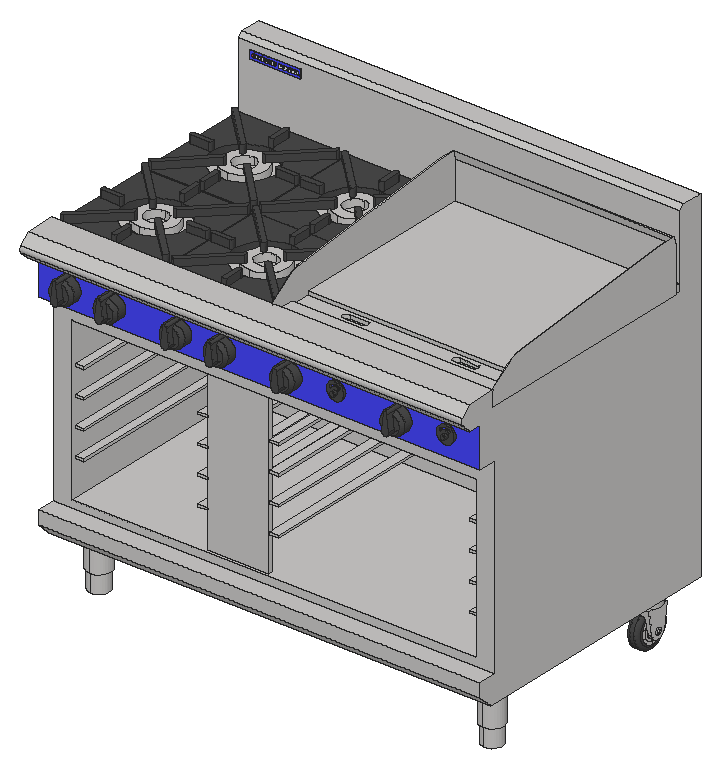
Revit family "QF_MOFFAT_BLUESEAL_CE_G518B-CB", category Specialty Equipment, Revit 2012 (continued)
Definition of nested family "GAS BURNER 600 & GRIDDLE 600"
  Parameters (values of type "GAS BURNER 600 & GRIDDLE 600")
    Width [instance] = 1200.0 mm
    Weight in Pounds = 0
    URL Cutsheet = ""
    Type Mark [instance] = ""
    Status [instance] = ""
    Specification by User [instance] = ""
    Specification by Manufacturer = ""
    Serial Number = ""
    Seismic Rating = ""
    SMACNA No = ""
    Revision Code [instance] = ""
    Omniclass Number and Title = ""
    NAFEM Spec ID Number = ""
    Masterspec = ""
    Item Number [instance] = ""
    Installed By [instance] = ""
    Identify Quantity as Lot [instance] = yes
    Furnished By [instance] = ""
    Foodservice Equipment Identifier [instance] = yes
    Depth [instance] = 635.0 mm
    CSI MasterFormat = ""
    CSI Master Format = ""
  Reference planes
    plane 1 "BACK": y = 0
    plane 2: z = 0
    plane 3 "LEFT": x = 0
    plane 4 "RIGHT": x = 1200
    plane 5 "FRONT": y = -635
    plane 6 "TOP": z = 142.5
    plane 7 "Center Y": x = 600
    plane 8 "Center X": y = -317.5
  Dimensions and locks
    equal spacing: plane 3 "LEFT", plane 7 "Center Y", plane 4 "RIGHT"
    "Width": plane 3 "LEFT" to plane 4 "RIGHT"
    equal spacing: plane 5 "FRONT", plane 8 "Center X", plane 1 "BACK"
    "Depth": plane 5 "FRONT" to plane 1 "BACK"
    aligned and locked: level to plane 2
  Nested families
    nested 1: "GAS BURNER 600" at (0, 0, 0), type "GAS BURNER 600"
      with Width 600.0 mm, Type Mark "", Status "", Specification by User "", Revision Code "", Item Number "", Installed By "", Identify Quantity as Lot yes, Furnished By "", Foodservice Equipment Identifier yes, Depth 635.0 mm
    nested 2: "GAS GRIDDLE PLATE 600" at (600, -15, 0), type "GAS GRIDDLE PLATE 600"
      with Width 600.0 mm, Type Mark "", Status "", Specification by User "", Revision Code "", Item Number "", Installed By "", Identify Quantity as Lot yes, Furnished By "", Foodservice Equipment Identifier yes, Depth 620.0 mm
  Definition of nested family "GAS BURNER 600"
    Parameters (values of type "GAS BURNER 600")
      Width [instance] = 600.0 mm
      Weight in Pounds = 0
      URL Cutsheet = ""
      Type Mark [instance] = ""
      Status [instance] = ""
      Specification by User [instance] = ""
      Specification by Manufacturer = ""
      Serial Number = ""
      Seismic Rating = ""
      SMACNA No = ""
      Revision Code [instance] = ""
      Omniclass Number and Title = ""
      NAFEM Spec ID Number = ""
      Masterspec = ""
      Item Number [instance] = ""
      Installed By [instance] = ""
      Identify Quantity as Lot [instance] = yes
      Furnished By [instance] = ""
      Foodservice Equipment Identifier [instance] = yes
      Depth [instance] = 635.0 mm
      CSI MasterFormat = ""
      CSI Master Format = ""
    Reference planes
      plane 1 "BACK": y = 0
      plane 2: z = 0
      plane 3 "LEFT": x = 0
      plane 4 "RIGHT": x = 600
      plane 5 "FRONT": y = -635
      plane 6 "TOP": z = 142.5
      plane 7 "Center Y": x = 300
      plane 8 "Center X": y = -317.5
    Forms (mm)
      Extrusion 1, solid, material "QF_Finishes_Black"
        sketch origin (0, 0, 0) x (0, -1, 0) y (1, 0, 0)
          loop
            line (318.5, 4) -> (318.5, 296)
            arc (318.5, 296) -> (317.621, 298.121) -> (315.5, 299) r 3
            line (315.5, 299) -> (3, 299)
            arc (3, 299) -> (0.879, 298.121) -> (0, 296) r 3
            line (0, 296) -> (0, 4)
            arc (0, 4) -> (0.879, 1.879) -> (3, 1) r 3
            line (3, 1) -> (315.5, 1)
            arc (315.5, 1) -> (317.621, 1.879) -> (318.5, 4) r 3
          loop
            line (324.5, 1) -> (632, 1)
            arc (632, 1) -> (634.121, 1.879) -> (635, 4) r 3
            line (635, 4) -> (635, 296)
            arc (635, 296) -> (634.121, 298.121) -> (632, 299) r 3
            line (632, 299) -> (324.5, 299)
            arc (324.5, 299) -> (322.379, 298.121) -> (321.5, 296) r 3
            line (321.5, 296) -> (321.5, 4)
            arc (321.5, 4) -> (322.379, 1.879) -> (324.5, 1) r 3
          loop
            circle (168.5, 149.991) r 84.082
          loop
            circle (468.5, 149.991) r 84.082
        from 0 to 19.5
      Extrusion 2, solid, material "QF_Finishes_Black"
        sketch origin (0, 0, 19.5) x (0, -1, 0) y (1, 0, 0)
          loop
            spline (326.102, 15.153) -> (325.181, 13.924) -> (324.631, 12.47) -> (324.49, 10.89) -> (324.767, 9.292) -> (325.443, 7.786) -> (326.473, 6.473) -> (327.786, 5.443) -> (329.292, 4.767) -> (330.89, 4.49) -> (332.47, 4.631) -> (333.924, 5.181) -> (335.153, 6.102)
            line (335.153, 6.102) -> (443.076, 114.025)
            spline (443.076, 114.025) -> (443.837, 115.095) -> (444.238, 116.399) -> (444.251, 117.851) -> (443.875, 119.35) -> (443.137, 120.795) -> (442.086, 122.086) -> (440.795, 123.137) -> (439.35, 123.875) -> (437.851, 124.251) -> (436.399, 124.238) -> (435.095, 123.837) -> (434.025, 123.076)
            line (434.025, 123.076) -> (326.102, 15.153)
          loop
            spline (328.898, 156.4) -> (327.604, 156.182) -> (326.398, 155.543) -> (325.362, 154.525) -> (324.568, 153.2) -> (324.068, 151.656) -> (323.898, 150) -> (324.068, 148.344) -> (324.568, 146.8) -> (325.362, 145.475) -> (326.398, 144.457) -> (327.604, 143.818) -> (328.898, 143.6)
            line (328.898, 143.6) -> (378.102, 143.6)
            spline (378.102, 143.6) -> (379.396, 143.818) -> (380.602, 144.457) -> (381.638, 145.475) -> (382.432, 146.8) -> (382.932, 148.344) -> (383.102, 150) -> (382.932, 151.656) -> (382.432, 153.2) -> (381.638, 154.525) -> (380.602, 155.543) -> (379.396, 156.182) -> (378.102, 156.4)
            line (378.102, 156.4) -> (328.898, 156.4)
          loop
            spline (335.153, 293.898) -> (334.084, 294.659) -> (332.779, 295.059) -> (331.328, 295.072) -> (329.829, 294.697) -> (328.384, 293.959) -> (327.092, 292.908) -> (326.041, 291.616) -> (325.303, 290.171) -> (324.928, 288.672) -> (324.941, 287.221) -> (325.341, 285.916) -> (326.102, 284.847)
            line (326.102, 284.847) -> (434.025, 176.924)
            spline (434.025, 176.924) -> (435.095, 176.163) -> (436.399, 175.762) -> (437.851, 175.749) -> (439.35, 176.125) -> (440.795, 176.863) -> (442.086, 177.914) -> (443.137, 179.205) -> (443.875, 180.65) -> (444.251, 182.149) -> (444.238, 183.601) -> (443.837, 184.905) -> (443.076, 185.975)
            line (443.076, 185.975) -> (335.153, 293.898)
          loop
            line (463.6, 291.102) -> (463.6, 241.898)
            spline (463.6, 241.898) -> (463.818, 240.604) -> (464.457, 239.398) -> (465.475, 238.362) -> (466.8, 237.568) -> (468.344, 237.068) -> (470, 236.898) -> (471.656, 237.068) -> (473.2, 237.568) -> (474.525, 238.362) -> (475.543, 239.398) -> (476.182, 240.604) -> (476.4, 241.898)
            line (476.4, 241.898) -> (476.4, 291.102)
            spline (476.4, 291.102) -> (476.182, 292.396) -> (475.543, 293.602) -> (474.525, 294.638) -> (473.2, 295.432) -> (471.656, 295.932) -> (470, 296.102) -> (468.344, 295.932) -> (466.8, 295.432) -> (465.475, 294.638) -> (464.457, 293.602) -> (463.818, 292.396) -> (463.6, 291.102)
          loop
            spline (612.398, 284.847) -> (613.159, 285.916) -> (613.559, 287.221) -> (613.572, 288.672) -> (613.197, 290.171) -> (612.459, 291.616) -> (611.408, 292.908) -> (610.116, 293.959) -> (608.671, 294.697) -> (607.172, 295.072) -> (605.721, 295.059) -> (604.416, 294.659) -> (603.347, 293.898)
            line (603.347, 293.898) -> (496.924, 185.975)
            spline (496.924, 185.975) -> (496.163, 184.905) -> (495.762, 183.601) -> (495.749, 182.149) -> (496.125, 180.65) -> (496.863, 179.205) -> (497.914, 177.914) -> (499.205, 176.863) -> (500.65, 176.125) -> (502.149, 175.749) -> (503.601, 175.762) -> (504.905, 176.163) -> (505.975, 176.924)
            line (505.975, 176.924) -> (612.398, 284.847)
          loop
            spline (609.602, 143.6) -> (610.896, 143.818) -> (612.102, 144.457) -> (613.138, 145.475) -> (613.932, 146.8) -> (614.432, 148.344) -> (614.602, 150) -> (614.432, 151.656) -> (613.932, 153.2) -> (613.138, 154.525) -> (612.102, 155.543) -> (610.896, 156.182) -> (609.602, 156.4)
            line (609.602, 156.4) -> (561.898, 156.4)
            spline (561.898, 156.4) -> (560.604, 156.182) -> (559.398, 155.543) -> (558.362, 154.525) -> (557.568, 153.2) -> (557.068, 151.656) -> (556.898, 150) -> (557.068, 148.344) -> (557.568, 146.8) -> (558.362, 145.475) -> (559.398, 144.457) -> (560.604, 143.818) -> (561.898, 143.6)
            line (561.898, 143.6) -> (609.602, 143.6)
          loop
            line (612.398, 15.153) -> (505.975, 123.076)
            spline (505.975, 123.076) -> (504.905, 123.837) -> (503.601, 124.238) -> (502.149, 124.251) -> (500.65, 123.875) -> (499.205, 123.137) -> (497.914, 122.086) -> (496.863, 120.795) -> (496.125, 119.35) -> (495.749, 117.851) -> (495.762, 116.399) -> (496.163, 115.095) -> (496.924, 114.025)
            line (496.924, 114.025) -> (603.347, 6.102)
            spline (603.347, 6.102) -> (604.416, 5.341) -> (605.721, 4.941) -> (607.172, 4.928) -> (608.671, 5.303) -> (610.116, 6.041) -> (611.408, 7.092) -> (612.459, 8.384) -> (613.197, 9.829) -> (613.572, 11.328) -> (613.559, 12.779) -> (613.159, 14.084) -> (612.398, 15.153)
          loop
            line (476.4, 8.898) -> (476.4, 58.102)
            spline (476.4, 58.102) -> (476.182, 59.396) -> (475.543, 60.602) -> (474.525, 61.638) -> (473.2, 62.432) -> (471.656, 62.932) -> (470, 63.102) -> (468.344, 62.932) -> (466.8, 62.432) -> (465.475, 61.638) -> (464.457, 60.602) -> (463.818, 59.396) -> (463.6, 58.102)
            line (463.6, 58.102) -> (463.6, 8.898)
            spline (463.6, 8.898) -> (463.818, 7.604) -> (464.457, 6.398) -> (465.475, 5.362) -> (466.8, 4.568) -> (468.344, 4.068) -> (470, 3.898) -> (471.656, 4.068) -> (473.2, 4.568) -> (474.525, 5.362) -> (475.543, 6.398) -> (476.182, 7.604) -> (476.4, 8.898)
          loop
            spline (22.602, 15.153) -> (21.681, 13.924) -> (21.131, 12.47) -> (20.99, 10.89) -> (21.267, 9.292) -> (21.943, 7.786) -> (22.973, 6.473) -> (24.286, 5.443) -> (25.792, 4.767) -> (27.39, 4.49) -> (28.97, 4.631) -> (30.424, 5.181) -> (31.653, 6.102)
            line (31.653, 6.102) -> (139.576, 114.025)
            spline (139.576, 114.025) -> (140.337, 115.095) -> (140.738, 116.399) -> (140.751, 117.851) -> (140.375, 119.35) -> (139.637, 120.795) -> (138.586, 122.086) -> (137.295, 123.137) -> (135.85, 123.875) -> (134.351, 124.251) -> (132.899, 124.238) -> (131.595, 123.837) -> (130.525, 123.076)
            line (130.525, 123.076) -> (22.602, 15.153)
          loop
            spline (25.398, 156.4) -> (24.104, 156.182) -> (22.898, 155.543) -> (21.862, 154.525) -> (21.068, 153.2) -> (20.568, 151.656) -> (20.398, 150) -> (20.568, 148.344) -> (21.068, 146.8) -> (21.862, 145.475) -> (22.898, 144.457) -> (24.104, 143.818) -> (25.398, 143.6)
            line (25.398, 143.6) -> (74.602, 143.6)
            spline (74.602, 143.6) -> (75.896, 143.818) -> (77.102, 144.457) -> (78.138, 145.475) -> (78.932, 146.8) -> (79.432, 148.344) -> (79.602, 150) -> (79.432, 151.656) -> (78.932, 153.2) -> (78.138, 154.525) -> (77.102, 155.543) -> (75.896, 156.182) -> (74.602, 156.4)
            line (74.602, 156.4) -> (25.398, 156.4)
          loop
            spline (31.653, 293.898) -> (30.584, 294.659) -> (29.279, 295.059) -> (27.828, 295.072) -> (26.329, 294.697) -> (24.884, 293.959) -> (23.592, 292.908) -> (22.541, 291.616) -> (21.803, 290.171) -> (21.428, 288.672) -> (21.441, 287.221) -> (21.841, 285.916) -> (22.602, 284.847)
            line (22.602, 284.847) -> (130.525, 176.924)
            spline (130.525, 176.924) -> (131.595, 176.163) -> (132.899, 175.762) -> (134.351, 175.749) -> (135.85, 176.125) -> (137.295, 176.863) -> (138.586, 177.914) -> (139.637, 179.205) -> (140.375, 180.65) -> (140.751, 182.149) -> (140.738, 183.601) -> (140.337, 184.905) -> (139.576, 185.975)
            line (139.576, 185.975) -> (31.653, 293.898)
          loop
            line (160.1, 291.102) -> (160.1, 241.898)
            spline (160.1, 241.898) -> (160.318, 240.604) -> (160.957, 239.398) -> (161.975, 238.362) -> (163.3, 237.568) -> (164.844, 237.068) -> (166.5, 236.898) -> (168.156, 237.068) -> (169.7, 237.568) -> (171.025, 238.362) -> (172.043, 239.398) -> (172.682, 240.604) -> (172.9, 241.898)
            line (172.9, 241.898) -> (172.9, 291.102)
            spline (172.9, 291.102) -> (172.682, 292.396) -> (172.043, 293.602) -> (171.025, 294.638) -> (169.7, 295.432) -> (168.156, 295.932) -> (166.5, 296.102) -> (164.844, 295.932) -> (163.3, 295.432) -> (161.975, 294.638) -> (160.957, 293.602) -> (160.318, 292.396) -> (160.1, 291.102)
          loop
            spline (313.898, 284.847) -> (314.659, 285.916) -> (315.059, 287.221) -> (315.072, 288.672) -> (314.697, 290.171) -> (313.959, 291.616) -> (312.908, 292.908) -> (311.616, 293.959) -> (310.171, 294.697) -> (308.672, 295.072) -> (307.221, 295.059) -> (305.916, 294.659) -> (304.847, 293.898)
            line (304.847, 293.898) -> (193.424, 185.975)
            spline (193.424, 185.975) -> (192.663, 184.905) -> (192.262, 183.601) -> (192.249, 182.149) -> (192.625, 180.65) -> (193.363, 179.205) -> (194.414, 177.914) -> (195.705, 176.863) -> (197.15, 176.125) -> (198.649, 175.749) -> (200.101, 175.762) -> (201.405, 176.163) -> (202.475, 176.924)
            line (202.475, 176.924) -> (313.898, 284.847)
          loop
            spline (311.102, 143.6) -> (312.396, 143.818) -> (313.602, 144.457) -> (314.638, 145.475) -> (315.432, 146.8) -> (315.932, 148.344) -> (316.102, 150) -> (315.932, 151.656) -> (315.432, 153.2) -> (314.638, 154.525) -> (313.602, 155.543) -> (312.396, 156.182) -> (311.102, 156.4)
            line (311.102, 156.4) -> (261.898, 156.4)
            spline (261.898, 156.4) -> (260.604, 156.182) -> (259.398, 155.543) -> (258.362, 154.525) -> (257.568, 153.2) -> (257.068, 151.656) -> (256.898, 150) -> (257.068, 148.344) -> (257.568, 146.8) -> (258.362, 145.475) -> (259.398, 144.457) -> (260.604, 143.818) -> (261.898, 143.6)
            line (261.898, 143.6) -> (311.102, 143.6)
          loop
            line (313.898, 15.153) -> (202.475, 123.076)
            spline (202.475, 123.076) -> (201.405, 123.837) -> (200.101, 124.238) -> (198.649, 124.251) -> (197.15, 123.875) -> (195.705, 123.137) -> (194.414, 122.086) -> (193.363, 120.795) -> (192.625, 119.35) -> (192.249, 117.851) -> (192.262, 116.399) -> (192.663, 115.095) -> (193.424, 114.025)
            line (193.424, 114.025) -> (304.847, 6.102)
            spline (304.847, 6.102) -> (305.916, 5.341) -> (307.221, 4.941) -> (308.672, 4.928) -> (310.171, 5.303) -> (311.616, 6.041) -> (312.908, 7.092) -> (313.959, 8.384) -> (314.697, 9.829) -> (315.072, 11.328) -> (315.059, 12.779) -> (314.659, 14.084) -> (313.898, 15.153)
          loop
            line (172.9, 8.898) -> (172.9, 58.102)
            spline (172.9, 58.102) -> (172.682, 59.396) -> (172.043, 60.602) -> (171.025, 61.638) -> (169.7, 62.432) -> (168.156, 62.932) -> (166.5, 63.102) -> (164.844, 62.932) -> (163.3, 62.432) -> (161.975, 61.638) -> (160.957, 60.602) -> (160.318, 59.396) -> (160.1, 58.102)
            line (160.1, 58.102) -> (160.1, 8.898)
            spline (160.1, 8.898) -> (160.318, 7.604) -> (160.957, 6.398) -> (161.975, 5.362) -> (163.3, 4.568) -> (164.844, 4.068) -> (166.5, 3.898) -> (168.156, 4.068) -> (169.7, 4.568) -> (171.025, 5.362) -> (172.043, 6.398) -> (172.682, 7.604) -> (172.9, 8.898)
        from 0 to 20.5
      Extrusion 3, solid, material "QF_Finishes_Stainless Steel"
        sketch origin (0, -15.098, 0) x (0, -1, 0) y (1, 0, 0)
          loop
            circle (151.402, 150) r 57
          loop
            circle (451.402, 150) r 57
          loop
            circle (151.402, 150) r 30
          loop
            circle (451.402, 150) r 30
        from 0 to 20
      Extrusion 4, solid, material "QF_Finishes_Black"
        sketch origin (600, 0, 0) x (0, -1, 0) y (1, 0, 0)
          loop
            arc (318.5, -4) -> (317.621, -1.879) -> (315.5, -1) r 3
            line (315.5, -1) -> (3, -1)
            arc (3, -1) -> (0.879, -1.879) -> (0, -4) r 3
            line (0, -4) -> (0, -296)
            arc (0, -296) -> (0.879, -298.121) -> (3, -299) r 3
            line (3, -299) -> (315.5, -299)
            arc (315.5, -299) -> (317.621, -298.121) -> (318.5, -296) r 3
            line (318.5, -296) -> (318.5, -4)
          loop
            arc (324.5, -1) -> (322.379, -1.879) -> (321.5, -4) r 3
            line (321.5, -4) -> (321.5, -296)
            arc (321.5, -296) -> (322.379, -298.121) -> (324.5, -299) r 3
            line (324.5, -299) -> (632, -299)
            arc (632, -299) -> (634.121, -298.121) -> (635, -296) r 3
            line (635, -296) -> (635, -4)
            arc (635, -4) -> (634.121, -1.879) -> (632, -1) r 3
            line (632, -1) -> (324.5, -1)
          loop
            circle (168.5, -149.991) r 84.082
          loop
            circle (468.5, -149.991) r 84.082
        from 0 to 19.5
      Extrusion 5, solid, material "QF_Finishes_Black"
        sketch origin (600, 0, 19.5) x (0, -1, 0) y (1, 0, 0)
          loop
            line (326.102, -15.153) -> (434.025, -123.076)
            spline (434.025, -123.076) -> (435.095, -123.837) -> (436.399, -124.238) -> (437.851, -124.251) -> (439.35, -123.875) -> (440.795, -123.137) -> (442.086, -122.086) -> (443.137, -120.795) -> (443.875, -119.35) -> (444.251, -117.851) -> (444.238, -116.399) -> (443.837, -115.095) -> (443.076, -114.025)
            line (443.076, -114.025) -> (335.153, -6.102)
            spline (335.153, -6.102) -> (333.924, -5.181) -> (332.47, -4.631) -> (330.89, -4.49) -> (329.292, -4.767) -> (327.786, -5.443) -> (326.473, -6.473) -> (325.443, -7.786) -> (324.767, -9.292) -> (324.49, -10.89) -> (324.631, -12.47) -> (325.181, -13.924) -> (326.102, -15.153)
          loop
            line (328.898, -156.4) -> (378.102, -156.4)
            spline (378.102, -156.4) -> (379.396, -156.182) -> (380.602, -155.543) -> (381.638, -154.525) -> (382.432, -153.2) -> (382.932, -151.656) -> (383.102, -150) -> (382.932, -148.344) -> (382.432, -146.8) -> (381.638, -145.475) -> (380.602, -144.457) -> (379.396, -143.818) -> (378.102, -143.6)
            line (378.102, -143.6) -> (328.898, -143.6)
            spline (328.898, -143.6) -> (327.604, -143.818) -> (326.398, -144.457) -> (325.362, -145.475) -> (324.568, -146.8) -> (324.068, -148.344) -> (323.898, -150) -> (324.068, -151.656) -> (324.568, -153.2) -> (325.362, -154.525) -> (326.398, -155.543) -> (327.604, -156.182) -> (328.898, -156.4)
          loop
            line (335.153, -293.898) -> (443.076, -185.975)
            spline (443.076, -185.975) -> (443.837, -184.905) -> (444.238, -183.601) -> (444.251, -182.149) -> (443.875, -180.65) -> (443.137, -179.205) -> (442.086, -177.914) -> (440.795, -176.863) -> (439.35, -176.125) -> (437.851, -175.749) -> (436.399, -175.762) -> (435.095, -176.163) -> (434.025, -176.924)
            line (434.025, -176.924) -> (326.102, -284.847)
            spline (326.102, -284.847) -> (325.341, -285.916) -> (324.941, -287.221) -> (324.928, -288.672) -> (325.303, -290.171) -> (326.041, -291.616) -> (327.092, -292.908) -> (328.384, -293.959) -> (329.829, -294.697) -> (331.328, -295.072) -> (332.779, -295.059) -> (334.084, -294.659) -> (335.153, -293.898)
          loop
            spline (463.6, -291.102) -> (463.818, -292.396) -> (464.457, -293.602) -> (465.475, -294.638) -> (466.8, -295.432) -> (468.344, -295.932) -> (470, -296.102) -> (471.656, -295.932) -> (473.2, -295.432) -> (474.525, -294.638) -> (475.543, -293.602) -> (476.182, -292.396) -> (476.4, -291.102)
            line (476.4, -291.102) -> (476.4, -241.898)
            spline (476.4, -241.898) -> (476.182, -240.604) -> (475.543, -239.398) -> (474.525, -238.362) -> (473.2, -237.568) -> (471.656, -237.068) -> (470, -236.898) -> (468.344, -237.068) -> (466.8, -237.568) -> (465.475, -238.362) -> (464.457, -239.398) -> (463.818, -240.604) -> (463.6, -241.898)
            line (463.6, -241.898) -> (463.6, -291.102)
          loop
            line (612.398, -284.847) -> (505.975, -176.924)
            spline (505.975, -176.924) -> (504.905, -176.163) -> (503.601, -175.762) -> (502.149, -175.749) -> (500.65, -176.125) -> (499.205, -176.863) -> (497.914, -177.914) -> (496.863, -179.205) -> (496.125, -180.65) -> (495.749, -182.149) -> (495.762, -183.601) -> (496.163, -184.905) -> (496.924, -185.975)
            line (496.924, -185.975) -> (603.347, -293.898)
            spline (603.347, -293.898) -> (604.416, -294.659) -> (605.721, -295.059) -> (607.172, -295.072) -> (608.671, -294.697) -> (610.116, -293.959) -> (611.408, -292.908) -> (612.459, -291.616) -> (613.197, -290.171) -> (613.572, -288.672) -> (613.559, -287.221) -> (613.159, -285.916) -> (612.398, -284.847)
          loop
            line (609.602, -143.6) -> (561.898, -143.6)
            spline (561.898, -143.6) -> (560.604, -143.818) -> (559.398, -144.457) -> (558.362, -145.475) -> (557.568, -146.8) -> (557.068, -148.344) -> (556.898, -150) -> (557.068, -151.656) -> (557.568, -153.2) -> (558.362, -154.525) -> (559.398, -155.543) -> (560.604, -156.182) -> (561.898, -156.4)
            line (561.898, -156.4) -> (609.602, -156.4)
            spline (609.602, -156.4) -> (610.896, -156.182) -> (612.102, -155.543) -> (613.138, -154.525) -> (613.932, -153.2) -> (614.432, -151.656) -> (614.602, -150) -> (614.432, -148.344) -> (613.932, -146.8) -> (613.138, -145.475) -> (612.102, -144.457) -> (610.896, -143.818) -> (609.602, -143.6)
          loop
            spline (612.398, -15.153) -> (613.159, -14.084) -> (613.559, -12.779) -> (613.572, -11.328) -> (613.197, -9.829) -> (612.459, -8.384) -> (611.408, -7.092) -> (610.116, -6.041) -> (608.671, -5.303) -> (607.172, -4.928) -> (605.721, -4.941) -> (604.416, -5.341) -> (603.347, -6.102)
            line (603.347, -6.102) -> (496.924, -114.025)
            spline (496.924, -114.025) -> (496.163, -115.095) -> (495.762, -116.399) -> (495.749, -117.851) -> (496.125, -119.35) -> (496.863, -120.795) -> (497.914, -122.086) -> (499.205, -123.137) -> (500.65, -123.875) -> (502.149, -124.251) -> (503.601, -124.238) -> (504.905, -123.837) -> (505.975, -123.076)
            line (505.975, -123.076) -> (612.398, -15.153)
          loop
            spline (476.4, -8.898) -> (476.182, -7.604) -> (475.543, -6.398) -> (474.525, -5.362) -> (473.2, -4.568) -> (471.656, -4.068) -> (470, -3.898) -> (468.344, -4.068) -> (466.8, -4.568) -> (465.475, -5.362) -> (464.457, -6.398) -> (463.818, -7.604) -> (463.6, -8.898)
            line (463.6, -8.898) -> (463.6, -58.102)
            spline (463.6, -58.102) -> (463.818, -59.396) -> (464.457, -60.602) -> (465.475, -61.638) -> (466.8, -62.432) -> (468.344, -62.932) -> (470, -63.102) -> (471.656, -62.932) -> (473.2, -62.432) -> (474.525, -61.638) -> (475.543, -60.602) -> (476.182, -59.396) -> (476.4, -58.102)
            line (476.4, -58.102) -> (476.4, -8.898)
          loop
            line (22.602, -15.153) -> (130.525, -123.076)
            spline (130.525, -123.076) -> (131.595, -123.837) -> (132.899, -124.238) -> (134.351, -124.251) -> (135.85, -123.875) -> (137.295, -123.137) -> (138.586, -122.086) -> (139.637, -120.795) -> (140.375, -119.35) -> (140.751, -117.851) -> (140.738, -116.399) -> (140.337, -115.095) -> (139.576, -114.025)
            line (139.576, -114.025) -> (31.653, -6.102)
            spline (31.653, -6.102) -> (30.424, -5.181) -> (28.97, -4.631) -> (27.39, -4.49) -> (25.792, -4.767) -> (24.286, -5.443) -> (22.973, -6.473) -> (21.943, -7.786) -> (21.267, -9.292) -> (20.99, -10.89) -> (21.131, -12.47) -> (21.681, -13.924) -> (22.602, -15.153)
          loop
            line (25.398, -156.4) -> (74.602, -156.4)
            spline (74.602, -156.4) -> (75.896, -156.182) -> (77.102, -155.543) -> (78.138, -154.525) -> (78.932, -153.2) -> (79.432, -151.656) -> (79.602, -150) -> (79.432, -148.344) -> (78.932, -146.8) -> (78.138, -145.475) -> (77.102, -144.457) -> (75.896, -143.818) -> (74.602, -143.6)
            line (74.602, -143.6) -> (25.398, -143.6)
            spline (25.398, -143.6) -> (24.104, -143.818) -> (22.898, -144.457) -> (21.862, -145.475) -> (21.068, -146.8) -> (20.568, -148.344) -> (20.398, -150) -> (20.568, -151.656) -> (21.068, -153.2) -> (21.862, -154.525) -> (22.898, -155.543) -> (24.104, -156.182) -> (25.398, -156.4)
          loop
            line (31.653, -293.898) -> (139.576, -185.975)
            spline (139.576, -185.975) -> (140.337, -184.905) -> (140.738, -183.601) -> (140.751, -182.149) -> (140.375, -180.65) -> (139.637, -179.205) -> (138.586, -177.914) -> (137.295, -176.863) -> (135.85, -176.125) -> (134.351, -175.749) -> (132.899, -175.762) -> (131.595, -176.163) -> (130.525, -176.924)
            line (130.525, -176.924) -> (22.602, -284.847)
            spline (22.602, -284.847) -> (21.841, -285.916) -> (21.441, -287.221) -> (21.428, -288.672) -> (21.803, -290.171) -> (22.541, -291.616) -> (23.592, -292.908) -> (24.884, -293.959) -> (26.329, -294.697) -> (27.828, -295.072) -> (29.279, -295.059) -> (30.584, -294.659) -> (31.653, -293.898)
          loop
            spline (160.1, -291.102) -> (160.318, -292.396) -> (160.957, -293.602) -> (161.975, -294.638) -> (163.3, -295.432) -> (164.844, -295.932) -> (166.5, -296.102) -> (168.156, -295.932) -> (169.7, -295.432) -> (171.025, -294.638) -> (172.043, -293.602) -> (172.682, -292.396) -> (172.9, -291.102)
            line (172.9, -291.102) -> (172.9, -241.898)
            spline (172.9, -241.898) -> (172.682, -240.604) -> (172.043, -239.398) -> (171.025, -238.362) -> (169.7, -237.568) -> (168.156, -237.068) -> (166.5, -236.898) -> (164.844, -237.068) -> (163.3, -237.568) -> (161.975, -238.362) -> (160.957, -239.398) -> (160.318, -240.604) -> (160.1, -241.898)
            line (160.1, -241.898) -> (160.1, -291.102)
          loop
            line (313.898, -284.847) -> (202.475, -176.924)
            spline (202.475, -176.924) -> (201.405, -176.163) -> (200.101, -175.762) -> (198.649, -175.749) -> (197.15, -176.125) -> (195.705, -176.863) -> (194.414, -177.914) -> (193.363, -179.205) -> (192.625, -180.65) -> (192.249, -182.149) -> (192.262, -183.601) -> (192.663, -184.905) -> (193.424, -185.975)
            line (193.424, -185.975) -> (304.847, -293.898)
            spline (304.847, -293.898) -> (305.916, -294.659) -> (307.221, -295.059) -> (308.672, -295.072) -> (310.171, -294.697) -> (311.616, -293.959) -> (312.908, -292.908) -> (313.959, -291.616) -> (314.697, -290.171) -> (315.072, -288.672) -> (315.059, -287.221) -> (314.659, -285.916) -> (313.898, -284.847)
          loop
            line (311.102, -143.6) -> (261.898, -143.6)
            spline (261.898, -143.6) -> (260.604, -143.818) -> (259.398, -144.457) -> (258.362, -145.475) -> (257.568, -146.8) -> (257.068, -148.344) -> (256.898, -150) -> (257.068, -151.656) -> (257.568, -153.2) -> (258.362, -154.525) -> (259.398, -155.543) -> (260.604, -156.182) -> (261.898, -156.4)
            line (261.898, -156.4) -> (311.102, -156.4)
            spline (311.102, -156.4) -> (312.396, -156.182) -> (313.602, -155.543) -> (314.638, -154.525) -> (315.432, -153.2) -> (315.932, -151.656) -> (316.102, -150) -> (315.932, -148.344) -> (315.432, -146.8) -> (314.638, -145.475) -> (313.602, -144.457) -> (312.396, -143.818) -> (311.102, -143.6)
          loop
            spline (313.898, -15.153) -> (314.659, -14.084) -> (315.059, -12.779) -> (315.072, -11.328) -> (314.697, -9.829) -> (313.959, -8.384) -> (312.908, -7.092) -> (311.616, -6.041) -> (310.171, -5.303) -> (308.672, -4.928) -> (307.221, -4.941) -> (305.916, -5.341) -> (304.847, -6.102)
            line (304.847, -6.102) -> (193.424, -114.025)
            spline (193.424, -114.025) -> (192.663, -115.095) -> (192.262, -116.399) -> (192.249, -117.851) -> (192.625, -119.35) -> (193.363, -120.795) -> (194.414, -122.086) -> (195.705, -123.137) -> (197.15, -123.875) -> (198.649, -124.251) -> (200.101, -124.238) -> (201.405, -123.837) -> (202.475, -123.076)
            line (202.475, -123.076) -> (313.898, -15.153)
          loop
            spline (172.9, -8.898) -> (172.682, -7.604) -> (172.043, -6.398) -> (171.025, -5.362) -> (169.7, -4.568) -> (168.156, -4.068) -> (166.5, -3.898) -> (164.844, -4.068) -> (163.3, -4.568) -> (161.975, -5.362) -> (160.957, -6.398) -> (160.318, -7.604) -> (160.1, -8.898)
            line (160.1, -8.898) -> (160.1, -58.102)
            spline (160.1, -58.102) -> (160.318, -59.396) -> (160.957, -60.602) -> (161.975, -61.638) -> (163.3, -62.432) -> (164.844, -62.932) -> (166.5, -63.102) -> (168.156, -62.932) -> (169.7, -62.432) -> (171.025, -61.638) -> (172.043, -60.602) -> (172.682, -59.396) -> (172.9, -58.102)
            line (172.9, -58.102) -> (172.9, -8.898)
        from 0 to 20.5
      Extrusion 6, solid, material "QF_Finishes_Stainless Steel"
        sketch origin (600, -15.098, 0) x (0, -1, 0) y (1, 0, 0)
          loop
            circle (151.402, -150) r 57
          loop
            circle (451.402, -150) r 57
          loop
            circle (151.402, -150) r 30
          loop
            circle (451.402, -150) r 30
        from 0 to 20
    Lines and regions (mm)
      symbolic lines
        curve 1: line (284.847, -22.602, 0) -> (176.924, -130.525, 0)
        curve 2: spline (176.924, -130.525, 0) -> (176.163, -131.595, 0) -> (175.762, -132.899, 0) -> (175.749, -134.351, 0) -> (176.125, -135.85, 0) -> (176.863, -137.295, 0) -> (177.914, -138.586, 0) -> (179.205, -139.637, 0) -> (180.65, -140.375, 0) -> (182.149, -140.751, 0) -> (183.601, -140.738, 0) -> (184.905, -140.337, 0) -> (185.975, -139.576, 0)
        curve 3: line (185.975, -139.576, 0) -> (293.898, -31.653, 0)
        curve 4: spline (293.898, -31.653, 0) -> (294.659, -30.584, 0) -> (295.059, -29.279, 0) -> (295.072, -27.828, 0) -> (294.697, -26.329, 0) -> (293.959, -24.884, 0) -> (292.908, -23.592, 0) -> (291.616, -22.541, 0) -> (290.171, -21.803, 0) -> (288.672, -21.428, 0) -> (287.221, -21.441, 0) -> (285.916, -21.841, 0) -> (284.847, -22.602, 0)
        curve 5: line (291.102, -160.1, 0) -> (241.898, -160.1, 0)
        curve 6: spline (241.898, -160.1, 0) -> (240.604, -160.318, 0) -> (239.398, -160.957, 0) -> (238.362, -161.975, 0) -> (237.568, -163.3, 0) -> (237.068, -164.844, 0) -> (236.898, -166.5, 0) -> (237.068, -168.156, 0) -> (237.568, -169.7, 0) -> (238.362, -171.025, 0) -> (239.398, -172.043, 0) -> (240.604, -172.682, 0) -> (241.898, -172.9, 0)
        curve 7: line (241.898, -172.9, 0) -> (291.102, -172.9, 0)
        curve 8: spline (291.102, -172.9, 0) -> (292.396, -172.682, 0) -> (293.602, -172.043, 0) -> (294.638, -171.025, 0) -> (295.432, -169.7, 0) -> (295.932, -168.156, 0) -> (296.102, -166.5, 0) -> (295.932, -164.844, 0) -> (295.432, -163.3, 0) -> (294.638, -161.975, 0) -> (293.602, -160.957, 0) -> (292.396, -160.318, 0) -> (291.102, -160.1, 0)
        curve 9: line (306.102, -31.653, 0) -> (414.025, -139.576, 0)
        curve 10: spline (414.025, -139.576, 0) -> (415.095, -140.337, 0) -> (416.399, -140.738, 0) -> (417.851, -140.751, 0) -> (419.35, -140.375, 0) -> (420.795, -139.637, 0) -> (422.086, -138.586, 0) -> (423.137, -137.295, 0) -> (423.875, -135.85, 0) -> (424.251, -134.351, 0) -> (424.238, -132.899, 0) -> (423.837, -131.595, 0) -> (423.076, -130.525, 0)
        curve 11: line (423.076, -130.525, 0) -> (315.153, -22.602, 0)
        curve 12: spline (315.153, -22.602, 0) -> (314.084, -21.841, 0) -> (312.779, -21.441, 0) -> (311.328, -21.428, 0) -> (309.829, -21.803, 0) -> (308.384, -22.541, 0) -> (307.092, -23.592, 0) -> (306.041, -24.884, 0) -> (305.303, -26.329, 0) -> (304.928, -27.828, 0) -> (304.941, -29.279, 0) -> (305.341, -30.584, 0) -> (306.102, -31.653, 0)
        curve 13: line (443.6, -25.398, 0) -> (443.6, -74.602, 0)
        curve 14: spline (443.6, -74.602, 0) -> (443.818, -75.896, 0) -> (444.457, -77.102, 0) -> (445.475, -78.138, 0) -> (446.8, -78.932, 0) -> (448.344, -79.432, 0) -> (450, -79.602, 0) -> (451.656, -79.432, 0) -> (453.2, -78.932, 0) -> (454.525, -78.138, 0) -> (455.543, -77.102, 0) -> (456.182, -75.896, 0) -> (456.4, -74.602, 0)
        curve 15: line (456.4, -74.602, 0) -> (456.4, -25.398, 0)
        curve 16: spline (456.4, -25.398, 0) -> (456.182, -24.104, 0) -> (455.543, -22.898, 0) -> (454.525, -21.862, 0) -> (453.2, -21.068, 0) -> (451.656, -20.568, 0) -> (450, -20.398, 0) -> (448.344, -20.568, 0) -> (446.8, -21.068, 0) -> (445.475, -21.862, 0) -> (444.457, -22.898, 0) -> (443.818, -24.104, 0) -> (443.6, -25.398, 0)
        curve 17: line (584.847, -22.602, 0) -> (476.924, -130.525, 0)
        curve 18: spline (476.924, -130.525, 0) -> (476.163, -131.595, 0) -> (475.762, -132.899, 0) -> (475.749, -134.351, 0) -> (476.125, -135.85, 0) -> (476.863, -137.295, 0) -> (477.914, -138.586, 0) -> (479.205, -139.637, 0) -> (480.65, -140.375, 0) -> (482.149, -140.751, 0) -> (483.601, -140.738, 0) -> (484.905, -140.337, 0) -> (485.975, -139.576, 0)
        curve 19: line (485.975, -139.576, 0) -> (593.898, -31.653, 0)
        curve 20: spline (593.898, -31.653, 0) -> (594.819, -30.424, 0) -> (595.369, -28.97, 0) -> (595.51, -27.39, 0) -> (595.233, -25.792, 0) -> (594.557, -24.286, 0) -> (593.527, -22.973, 0) -> (592.214, -21.943, 0) -> (590.708, -21.267, 0) -> (589.11, -20.99, 0) -> (587.53, -21.131, 0) -> (586.076, -21.681, 0) -> (584.847, -22.602, 0)
        curve 21: line (591.102, -160.1, 0) -> (541.898, -160.1, 0)
        curve 22: spline (541.898, -160.1, 0) -> (540.604, -160.318, 0) -> (539.398, -160.957, 0) -> (538.362, -161.975, 0) -> (537.568, -163.3, 0) -> (537.068, -164.844, 0) -> (536.898, -166.5, 0) -> (537.068, -168.156, 0) -> (537.568, -169.7, 0) -> (538.362, -171.025, 0) -> (539.398, -172.043, 0) -> (540.604, -172.682, 0) -> (541.898, -172.9, 0)
        curve 23: line (541.898, -172.9, 0) -> (591.102, -172.9, 0)
        curve 24: spline (591.102, -172.9, 0) -> (592.396, -172.682, 0) -> (593.602, -172.043, 0) -> (594.638, -171.025, 0) -> (595.432, -169.7, 0) -> (595.932, -168.156, 0) -> (596.102, -166.5, 0) -> (595.932, -164.844, 0) -> (595.432, -163.3, 0) -> (594.638, -161.975, 0) -> (593.602, -160.957, 0) -> (592.396, -160.318, 0) -> (591.102, -160.1, 0)
        curve 25: line (593.898, -304.847, 0) -> (485.975, -193.424, 0)
        curve 26: spline (485.975, -193.424, 0) -> (484.905, -192.663, 0) -> (483.601, -192.262, 0) -> (482.149, -192.249, 0) -> (480.65, -192.625, 0) -> (479.205, -193.363, 0) -> (477.914, -194.414, 0) -> (476.863, -195.705, 0) -> (476.125, -197.15, 0) -> (475.749, -198.649, 0) -> (475.762, -200.101, 0) -> (476.163, -201.405, 0) -> (476.924, -202.475, 0)
        curve 27: line (476.924, -202.475, 0) -> (584.847, -313.898, 0)
        curve 28: spline (584.847, -313.898, 0) -> (585.916, -314.659, 0) -> (587.221, -315.059, 0) -> (588.672, -315.072, 0) -> (590.171, -314.697, 0) -> (591.616, -313.959, 0) -> (592.908, -312.908, 0) -> (593.959, -311.616, 0) -> (594.697, -310.171, 0) -> (595.072, -308.672, 0) -> (595.059, -307.221, 0) -> (594.659, -305.916, 0) -> (593.898, -304.847, 0)
        curve 29: arc (450, -223.5, 0) -> (468.725, -220.336, 0) -> (485.372, -211.197, 0) r 57
        curve 30: arc (450, -109.5, 0) -> (431.183, -112.696, 0) -> (414.475, -121.924, 0) r 57
        curve 31: arc (450.009, -84.418, 0) -> (478.534, -89.404, 0) -> (503.676, -103.773, 0) r 84.082
        curve 32: arc (450.009, -252.582, 0) -> (420.453, -247.216, 0) -> (394.669, -231.803, 0) r 84.082
        curve 33: arc (450, -136.5, 0) -> (480, -166.5, 0) -> (450, -196.5, 0) r 30
        curve 34: arc (450, -196.5, 0) -> (420, -166.5, 0) -> (450, -136.5, 0) r 30
        curve 35: arc (150, -223.5, 0) -> (168.725, -220.336, 0) -> (185.372, -211.197, 0) r 57
        curve 36: arc (150, -109.5, 0) -> (131.183, -112.696, 0) -> (114.475, -121.924, 0) r 57
        curve 37: arc (149.991, -84.418, 0) -> (178.523, -89.406, 0) -> (203.668, -103.781, 0) r 84.082
        curve 38: arc (149.991, -252.582, 0) -> (120.441, -247.219, 0) -> (94.661, -231.812, 0) r 84.082
        curve 39: line (156.4, -74.602, 0) -> (156.4, -25.398, 0)
        curve 40: spline (156.4, -25.398, 0) -> (156.182, -24.104, 0) -> (155.543, -22.898, 0) -> (154.525, -21.862, 0) -> (153.2, -21.068, 0) -> (151.656, -20.568, 0) -> (150, -20.398, 0) -> (148.344, -20.568, 0) -> (146.8, -21.068, 0) -> (145.475, -21.862, 0) -> (144.457, -22.898, 0) -> (143.818, -24.104, 0) -> (143.6, -25.398, 0)
        curve 41: line (143.6, -25.398, 0) -> (143.6, -74.602, 0)
        curve 42: spline (143.6, -74.602, 0) -> (143.818, -75.896, 0) -> (144.457, -77.102, 0) -> (145.475, -78.138, 0) -> (146.8, -78.932, 0) -> (148.344, -79.432, 0) -> (150, -79.602, 0) -> (151.656, -79.432, 0) -> (153.2, -78.932, 0) -> (154.525, -78.138, 0) -> (155.543, -77.102, 0) -> (156.182, -75.896, 0) -> (156.4, -74.602, 0)
        curve 43: line (358.102, -160.1, 0) -> (308.898, -160.1, 0)
        curve 44: spline (308.898, -160.1, 0) -> (307.604, -160.318, 0) -> (306.398, -160.957, 0) -> (305.362, -161.975, 0) -> (304.568, -163.3, 0) -> (304.068, -164.844, 0) -> (303.898, -166.5, 0) -> (304.068, -168.156, 0) -> (304.568, -169.7, 0) -> (305.362, -171.025, 0) -> (306.398, -172.043, 0) -> (307.604, -172.682, 0) -> (308.898, -172.9, 0)
        curve 45: line (308.898, -172.9, 0) -> (358.102, -172.9, 0)
        curve 46: spline (358.102, -172.9, 0) -> (359.396, -172.682, 0) -> (360.602, -172.043, 0) -> (361.638, -171.025, 0) -> (362.432, -169.7, 0) -> (362.932, -168.156, 0) -> (363.102, -166.5, 0) -> (362.932, -164.844, 0) -> (362.432, -163.3, 0) -> (361.638, -161.975, 0) -> (360.602, -160.957, 0) -> (359.396, -160.318, 0) -> (358.102, -160.1, 0)
        curve 47: line (414.025, -193.424, 0) -> (306.102, -304.847, 0)
        curve 48: spline (306.102, -304.847, 0) -> (305.341, -305.916, 0) -> (304.941, -307.221, 0) -> (304.928, -308.672, 0) -> (305.303, -310.171, 0) -> (306.041, -311.616, 0) -> (307.092, -312.908, 0) -> (308.384, -313.959, 0) -> (309.829, -314.697, 0) -> (311.328, -315.072, 0) -> (312.779, -315.059, 0) -> (314.084, -314.659, 0) -> (315.153, -313.898, 0)
        curve 49: line (315.153, -313.898, 0) -> (423.076, -202.475, 0)
        curve 50: spline (423.076, -202.475, 0) -> (423.837, -201.405, 0) -> (424.238, -200.101, 0) -> (424.251, -198.649, 0) -> (423.875, -197.15, 0) -> (423.137, -195.705, 0) -> (422.086, -194.414, 0) -> (420.795, -193.363, 0) -> (419.35, -192.625, 0) -> (417.851, -192.249, 0) -> (416.399, -192.262, 0) -> (415.095, -192.663, 0) -> (414.025, -193.424, 0)
        curve 51: line (456.4, -311.102, 0) -> (456.4, -261.898, 0)
        curve 52: spline (456.4, -261.898, 0) -> (456.182, -260.604, 0) -> (455.543, -259.398, 0) -> (454.525, -258.362, 0) -> (453.2, -257.568, 0) -> (451.656, -257.068, 0) -> (450, -256.898, 0) -> (448.344, -257.068, 0) -> (446.8, -257.568, 0) -> (445.475, -258.362, 0) -> (444.457, -259.398, 0) -> (443.818, -260.604, 0) -> (443.6, -261.898, 0)
        curve 53: line (443.6, -261.898, 0) -> (443.6, -311.102, 0)
        curve 54: spline (443.6, -311.102, 0) -> (443.818, -312.396, 0) -> (444.457, -313.602, 0) -> (445.475, -314.638, 0) -> (446.8, -315.432, 0) -> (448.344, -315.932, 0) -> (450, -316.102, 0) -> (451.656, -315.932, 0) -> (453.2, -315.432, 0) -> (454.525, -314.638, 0) -> (455.543, -313.602, 0) -> (456.182, -312.396, 0) -> (456.4, -311.102, 0)
        curve 55: line (596, 0, 0) -> (304, 0, 0)
        curve 56: arc (304, 0, 0) -> (301.879, -0.879, 0) -> (301, -3, 0) r 3
        curve 57: line (301, -3, 0) -> (301, -315.5, 0)
        curve 58: arc (301, -315.5, 0) -> (301.879, -317.621, 0) -> (304, -318.5, 0) r 3
        curve 59: line (304, -318.5, 0) -> (596, -318.5, 0)
        curve 60: arc (596, -318.5, 0) -> (598.121, -317.621, 0) -> (599, -315.5, 0) r 3
        curve 61: line (599, -315.5, 0) -> (599, -3, 0)
        curve 62: arc (599, -3, 0) -> (598.121, -0.879, 0) -> (596, 0, 0) r 3
        curve 63: line (296, 0, 0) -> (4, 0, 0)
        curve 64: arc (4, 0, 0) -> (1.879, -0.879, 0) -> (1, -3, 0) r 3
        curve 65: line (1, -3, 0) -> (1, -315.5, 0)
        curve 66: arc (1, -315.5, 0) -> (1.879, -317.621, 0) -> (4, -318.5, 0) r 3
        curve 67: line (4, -318.5, 0) -> (296, -318.5, 0)
        curve 68: arc (296, -318.5, 0) -> (298.121, -317.621, 0) -> (299, -315.5, 0) r 3
        curve 69: line (299, -315.5, 0) -> (299, -3, 0)
        curve 70: arc (299, -3, 0) -> (298.121, -0.879, 0) -> (296, 0, 0) r 3
        curve 71: line (296, -321.5, 0) -> (4, -321.5, 0)
        curve 72: arc (4, -321.5, 0) -> (1.879, -322.379, 0) -> (1, -324.5, 0) r 3
        curve 73: line (1, -324.5, 0) -> (1, -632, 0)
        curve 74: arc (1, -632, 0) -> (1.879, -634.121, 0) -> (4, -635, 0) r 3
        curve 75: line (4, -635, 0) -> (296, -635, 0)
        curve 76: arc (296, -635, 0) -> (298.121, -634.121, 0) -> (299, -632, 0) r 3
        curve 77: line (299, -632, 0) -> (299, -324.5, 0)
        curve 78: arc (299, -324.5, 0) -> (298.121, -322.379, 0) -> (296, -321.5, 0) r 3
        curve 79: line (596, -321.5, 0) -> (304, -321.5, 0)
        curve 80: arc (304, -321.5, 0) -> (301.879, -322.379, 0) -> (301, -324.5, 0) r 3
        curve 81: line (301, -324.5, 0) -> (301, -632, 0)
        curve 82: arc (301, -632, 0) -> (301.879, -634.121, 0) -> (304, -635, 0) r 3
        curve 83: line (304, -635, 0) -> (596, -635, 0)
        curve 84: arc (596, -635, 0) -> (598.121, -634.121, 0) -> (599, -632, 0) r 3
        curve 85: line (599, -632, 0) -> (599, -324.5, 0)
        curve 86: arc (599, -324.5, 0) -> (598.121, -322.379, 0) -> (596, -321.5, 0) r 3
        curve 87: line (293.898, -304.847, 0) -> (185.975, -193.424, 0)
        curve 88: spline (185.975, -193.424, 0) -> (184.905, -192.663, 0) -> (183.601, -192.262, 0) -> (182.149, -192.249, 0) -> (180.65, -192.625, 0) -> (179.205, -193.363, 0) -> (177.914, -194.414, 0) -> (176.863, -195.705, 0) -> (176.125, -197.15, 0) -> (175.749, -198.649, 0) -> (175.762, -200.101, 0) -> (176.163, -201.405, 0) -> (176.924, -202.475, 0)
        curve 89: line (176.924, -202.475, 0) -> (284.847, -313.898, 0)
        curve 90: spline (284.847, -313.898, 0) -> (285.916, -314.659, 0) -> (287.221, -315.059, 0) -> (288.672, -315.072, 0) -> (290.171, -314.697, 0) -> (291.616, -313.959, 0) -> (292.908, -312.908, 0) -> (293.959, -311.616, 0) -> (294.697, -310.171, 0) -> (295.072, -308.672, 0) -> (295.059, -307.221, 0) -> (294.659, -305.916, 0) -> (293.898, -304.847, 0)
        curve 91: line (15.153, -313.898, 0) -> (123.076, -202.475, 0)
        curve 92: spline (123.076, -202.475, 0) -> (123.837, -201.405, 0) -> (124.238, -200.101, 0) -> (124.251, -198.649, 0) -> (123.875, -197.15, 0) -> (123.137, -195.705, 0) -> (122.086, -194.414, 0) -> (120.795, -193.363, 0) -> (119.35, -192.625, 0) -> (117.851, -192.249, 0) -> (116.399, -192.262, 0) -> (115.095, -192.663, 0) -> (114.025, -193.424, 0)
        curve 93: line (114.025, -193.424, 0) -> (6.102, -304.847, 0)
        curve 94: spline (6.102, -304.847, 0) -> (5.341, -305.916, 0) -> (4.941, -307.221, 0) -> (4.928, -308.672, 0) -> (5.303, -310.171, 0) -> (6.041, -311.616, 0) -> (7.092, -312.908, 0) -> (8.384, -313.959, 0) -> (9.829, -314.697, 0) -> (11.328, -315.072, 0) -> (12.779, -315.059, 0) -> (14.084, -314.659, 0) -> (15.153, -313.898, 0)
        curve 95: line (8.898, -172.9, 0) -> (58.102, -172.9, 0)
        curve 96: spline (58.102, -172.9, 0) -> (59.396, -172.682, 0) -> (60.602, -172.043, 0) -> (61.638, -171.025, 0) -> (62.432, -169.7, 0) -> (62.932, -168.156, 0) -> (63.102, -166.5, 0) -> (62.932, -164.844, 0) -> (62.432, -163.3, 0) -> (61.638, -161.975, 0) -> (60.602, -160.957, 0) -> (59.396, -160.318, 0) -> (58.102, -160.1, 0)
        curve 97: line (58.102, -160.1, 0) -> (8.898, -160.1, 0)
        curve 98: spline (8.898, -160.1, 0) -> (7.604, -160.318, 0) -> (6.398, -160.957, 0) -> (5.362, -161.975, 0) -> (4.568, -163.3, 0) -> (4.068, -164.844, 0) -> (3.898, -166.5, 0) -> (4.068, -168.156, 0) -> (4.568, -169.7, 0) -> (5.362, -171.025, 0) -> (6.398, -172.043, 0) -> (7.604, -172.682, 0) -> (8.898, -172.9, 0)
        curve 99: line (6.102, -31.653, 0) -> (114.025, -139.576, 0)
        curve 100: spline (114.025, -139.576, 0) -> (115.095, -140.337, 0) -> (116.399, -140.738, 0) -> (117.851, -140.751, 0) -> (119.35, -140.375, 0) -> (120.795, -139.637, 0) -> (122.086, -138.586, 0) -> (123.137, -137.295, 0) -> (123.875, -135.85, 0) -> (124.251, -134.351, 0) -> (124.238, -132.899, 0) -> (123.837, -131.595, 0) -> (123.076, -130.525, 0)
        curve 101: line (123.076, -130.525, 0) -> (15.153, -22.602, 0)
        curve 102: spline (15.153, -22.602, 0) -> (13.924, -21.681, 0) -> (12.47, -21.131, 0) -> (10.89, -20.99, 0) -> (9.292, -21.267, 0) -> (7.786, -21.943, 0) -> (6.473, -22.973, 0) -> (5.443, -24.286, 0) -> (4.767, -25.792, 0) -> (4.49, -27.39, 0) -> (4.631, -28.97, 0) -> (5.181, -30.424, 0) -> (6.102, -31.653, 0)
        curve 103: arc (150, -136.5, 0) -> (180, -166.5, 0) -> (150, -196.5, 0) r 30
        curve 104: arc (150, -196.5, 0) -> (120, -166.5, 0) -> (150, -136.5, 0) r 30
        curve 105: line (156.4, -311.102, 0) -> (156.4, -261.898, 0)
        curve 106: spline (156.4, -261.898, 0) -> (156.182, -260.604, 0) -> (155.543, -259.398, 0) -> (154.525, -258.362, 0) -> (153.2, -257.568, 0) -> (151.656, -257.068, 0) -> (150, -256.898, 0) -> (148.344, -257.068, 0) -> (146.8, -257.568, 0) -> (145.475, -258.362, 0) -> (144.457, -259.398, 0) -> (143.818, -260.604, 0) -> (143.6, -261.898, 0)
        curve 107: line (143.6, -261.898, 0) -> (143.6, -311.102, 0)
        curve 108: spline (143.6, -311.102, 0) -> (143.818, -312.396, 0) -> (144.457, -313.602, 0) -> (145.475, -314.638, 0) -> (146.8, -315.432, 0) -> (148.344, -315.932, 0) -> (150, -316.102, 0) -> (151.656, -315.932, 0) -> (153.2, -315.432, 0) -> (154.525, -314.638, 0) -> (155.543, -313.602, 0) -> (156.182, -312.396, 0) -> (156.4, -311.102, 0)
        curve 109: line (156.4, -378.102, 0) -> (156.4, -328.898, 0)
        curve 110: spline (156.4, -328.898, 0) -> (156.182, -327.604, 0) -> (155.543, -326.398, 0) -> (154.525, -325.362, 0) -> (153.2, -324.568, 0) -> (151.656, -324.068, 0) -> (150, -323.898, 0) -> (148.344, -324.068, 0) -> (146.8, -324.568, 0) -> (145.475, -325.362, 0) -> (144.457, -326.398, 0) -> (143.818, -327.604, 0) -> (143.6, -328.898, 0)
        curve 111: line (143.6, -328.898, 0) -> (143.6, -378.102, 0)
        curve 112: spline (143.6, -378.102, 0) -> (143.818, -379.396, 0) -> (144.457, -380.602, 0) -> (145.475, -381.638, 0) -> (146.8, -382.432, 0) -> (148.344, -382.932, 0) -> (150, -383.102, 0) -> (151.656, -382.932, 0) -> (153.2, -382.432, 0) -> (154.525, -381.638, 0) -> (155.543, -380.602, 0) -> (156.182, -379.396, 0) -> (156.4, -378.102, 0)
        curve 113: line (284.847, -326.102, 0) -> (176.924, -434.025, 0)
        curve 114: spline (176.924, -434.025, 0) -> (176.163, -435.095, 0) -> (175.762, -436.399, 0) -> (175.749, -437.851, 0) -> (176.125, -439.35, 0) -> (176.863, -440.795, 0) -> (177.914, -442.086, 0) -> (179.205, -443.137, 0) -> (180.65, -443.875, 0) -> (182.149, -444.251, 0) -> (183.601, -444.238, 0) -> (184.905, -443.837, 0) -> (185.975, -443.076, 0)
        curve 115: line (185.975, -443.076, 0) -> (293.898, -335.153, 0)
        curve 116: spline (293.898, -335.153, 0) -> (294.659, -334.084, 0) -> (295.059, -332.779, 0) -> (295.072, -331.328, 0) -> (294.697, -329.829, 0) -> (293.959, -328.384, 0) -> (292.908, -327.092, 0) -> (291.616, -326.041, 0) -> (290.171, -325.303, 0) -> (288.672, -324.928, 0) -> (287.221, -324.941, 0) -> (285.916, -325.341, 0) -> (284.847, -326.102, 0)
        curve 117: line (123.076, -434.025, 0) -> (15.153, -326.102, 0)
        curve 118: spline (15.153, -326.102, 0) -> (13.924, -325.181, 0) -> (12.47, -324.631, 0) -> (10.89, -324.49, 0) -> (9.292, -324.767, 0) -> (7.786, -325.443, 0) -> (6.473, -326.473, 0) -> (5.443, -327.786, 0) -> (4.767, -329.292, 0) -> (4.49, -330.89, 0) -> (4.631, -332.47, 0) -> (5.181, -333.924, 0) -> (6.102, -335.153, 0)
        curve 119: line (6.102, -335.153, 0) -> (114.025, -443.076, 0)
        curve 120: spline (114.025, -443.076, 0) -> (115.095, -443.837, 0) -> (116.399, -444.238, 0) -> (117.851, -444.251, 0) -> (119.35, -443.875, 0) -> (120.795, -443.137, 0) -> (122.086, -442.086, 0) -> (123.137, -440.795, 0) -> (123.875, -439.35, 0) -> (124.251, -437.851, 0) -> (124.238, -436.399, 0) -> (123.837, -435.095, 0) -> (123.076, -434.025, 0)
        curve 121: line (58.102, -463.6, 0) -> (8.898, -463.6, 0)
        curve 122: spline (8.898, -463.6, 0) -> (7.604, -463.818, 0) -> (6.398, -464.457, 0) -> (5.362, -465.475, 0) -> (4.568, -466.8, 0) -> (4.068, -468.344, 0) -> (3.898, -470, 0) -> (4.068, -471.656, 0) -> (4.568, -473.2, 0) -> (5.362, -474.525, 0) -> (6.398, -475.543, 0) -> (7.604, -476.182, 0) -> (8.898, -476.4, 0)
        curve 123: line (8.898, -476.4, 0) -> (58.102, -476.4, 0)
        curve 124: spline (58.102, -476.4, 0) -> (59.396, -476.182, 0) -> (60.602, -475.543, 0) -> (61.638, -474.525, 0) -> (62.432, -473.2, 0) -> (62.932, -471.656, 0) -> (63.102, -470, 0) -> (62.932, -468.344, 0) -> (62.432, -466.8, 0) -> (61.638, -465.475, 0) -> (60.602, -464.457, 0) -> (59.396, -463.818, 0) -> (58.102, -463.6, 0)
        curve 125: line (114.025, -496.924, 0) -> (6.102, -603.347, 0)
        curve 126: spline (6.102, -603.347, 0) -> (5.341, -604.416, 0) -> (4.941, -605.721, 0) -> (4.928, -607.172, 0) -> (5.303, -608.671, 0) -> (6.041, -610.116, 0) -> (7.092, -611.408, 0) -> (8.384, -612.459, 0) -> (9.829, -613.197, 0) -> (11.328, -613.572, 0) -> (12.779, -613.559, 0) -> (14.084, -613.159, 0) -> (15.153, -612.398, 0)
        curve 127: line (15.153, -612.398, 0) -> (123.076, -505.975, 0)
        curve 128: spline (123.076, -505.975, 0) -> (123.837, -504.905, 0) -> (124.238, -503.601, 0) -> (124.251, -502.149, 0) -> (123.875, -500.65, 0) -> (123.137, -499.205, 0) -> (122.086, -497.914, 0) -> (120.795, -496.863, 0) -> (119.35, -496.125, 0) -> (117.851, -495.749, 0) -> (116.399, -495.762, 0) -> (115.095, -496.163, 0) -> (114.025, -496.924, 0)
        curve 129: line (156.4, -609.602, 0) -> (156.4, -561.898, 0)
        curve 130: spline (156.4, -561.898, 0) -> (156.182, -560.604, 0) -> (155.543, -559.398, 0) -> (154.525, -558.362, 0) -> (153.2, -557.568, 0) -> (151.656, -557.068, 0) -> (150, -556.898, 0) -> (148.344, -557.068, 0) -> (146.8, -557.568, 0) -> (145.475, -558.362, 0) -> (144.457, -559.398, 0) -> (143.818, -560.604, 0) -> (143.6, -561.898, 0)
        curve 131: line (143.6, -561.898, 0) -> (143.6, -609.602, 0)
        curve 132: spline (143.6, -609.602, 0) -> (143.818, -610.896, 0) -> (144.457, -612.102, 0) -> (145.475, -613.138, 0) -> (146.8, -613.932, 0) -> (148.344, -614.432, 0) -> (150, -614.602, 0) -> (151.656, -614.432, 0) -> (153.2, -613.932, 0) -> (154.525, -613.138, 0) -> (155.543, -612.102, 0) -> (156.182, -610.896, 0) -> (156.4, -609.602, 0)
        curve 133: line (176.924, -505.975, 0) -> (284.847, -612.398, 0)
        curve 134: spline (284.847, -612.398, 0) -> (285.916, -613.159, 0) -> (287.221, -613.559, 0) -> (288.672, -613.572, 0) -> (290.171, -613.197, 0) -> (291.616, -612.459, 0) -> (292.908, -611.408, 0) -> (293.959, -610.116, 0) -> (294.697, -608.671, 0) -> (295.072, -607.172, 0) -> (295.059, -605.721, 0) -> (294.659, -604.416, 0) -> (293.898, -603.347, 0)
        curve 135: line (293.898, -603.347, 0) -> (185.975, -496.924, 0)
        curve 136: spline (185.975, -496.924, 0) -> (184.905, -496.163, 0) -> (183.601, -495.762, 0) -> (182.149, -495.749, 0) -> (180.65, -496.125, 0) -> (179.205, -496.863, 0) -> (177.914, -497.914, 0) -> (176.863, -499.205, 0) -> (176.125, -500.65, 0) -> (175.749, -502.149, 0) -> (175.762, -503.601, 0) -> (176.163, -504.905, 0) -> (176.924, -505.975, 0)
        curve 137: arc (149.991, -384.418, 0) -> (179.687, -389.836, 0) -> (205.556, -405.393, 0) r 84.082
        curve 138: arc (149.991, -552.582, 0) -> (121.173, -547.489, 0) -> (95.845, -532.827, 0) r 84.082
        curve 139: arc (150, -523.5, 0) -> (167.666, -520.693, 0) -> (183.592, -512.55, 0) r 57
        curve 140: arc (150, -409.5, 0) -> (130.014, -413.119, 0) -> (112.566, -423.515, 0) r 57
        curve 141: arc (150, -436.5, 0) -> (180, -466.5, 0) -> (150, -496.5, 0) r 30
        curve 142: arc (150, -496.5, 0) -> (120, -466.5, 0) -> (150, -436.5, 0) r 30
        curve 143: line (291.102, -463.6, 0) -> (241.898, -463.6, 0)
        curve 144: spline (241.898, -463.6, 0) -> (240.604, -463.818, 0) -> (239.398, -464.457, 0) -> (238.362, -465.475, 0) -> (237.568, -466.8, 0) -> (237.068, -468.344, 0) -> (236.898, -470, 0) -> (237.068, -471.656, 0) -> (237.568, -473.2, 0) -> (238.362, -474.525, 0) -> (239.398, -475.543, 0) -> (240.604, -476.182, 0) -> (241.898, -476.4, 0)
        curve 145: line (241.898, -476.4, 0) -> (291.102, -476.4, 0)
        curve 146: spline (291.102, -476.4, 0) -> (292.396, -476.182, 0) -> (293.602, -475.543, 0) -> (294.638, -474.525, 0) -> (295.432, -473.2, 0) -> (295.932, -471.656, 0) -> (296.102, -470, 0) -> (295.932, -468.344, 0) -> (295.432, -466.8, 0) -> (294.638, -465.475, 0) -> (293.602, -464.457, 0) -> (292.396, -463.818, 0) -> (291.102, -463.6, 0)
        curve 147: line (423.076, -434.025, 0) -> (315.153, -326.102, 0)
        curve 148: spline (315.153, -326.102, 0) -> (314.084, -325.341, 0) -> (312.779, -324.941, 0) -> (311.328, -324.928, 0) -> (309.829, -325.303, 0) -> (308.384, -326.041, 0) -> (307.092, -327.092, 0) -> (306.041, -328.384, 0) -> (305.303, -329.829, 0) -> (304.928, -331.328, 0) -> (304.941, -332.779, 0) -> (305.341, -334.084, 0) -> (306.102, -335.153, 0)
        curve 149: line (306.102, -335.153, 0) -> (414.025, -443.076, 0)
        curve 150: spline (414.025, -443.076, 0) -> (415.095, -443.837, 0) -> (416.399, -444.238, 0) -> (417.851, -444.251, 0) -> (419.35, -443.875, 0) -> (420.795, -443.137, 0) -> (422.086, -442.086, 0) -> (423.137, -440.795, 0) -> (423.875, -439.35, 0) -> (424.251, -437.851, 0) -> (424.238, -436.399, 0) -> (423.837, -435.095, 0) -> (423.076, -434.025, 0)
        curve 151: line (443.6, -328.898, 0) -> (443.6, -378.102, 0)
        curve 152: spline (443.6, -378.102, 0) -> (443.818, -379.396, 0) -> (444.457, -380.602, 0) -> (445.475, -381.638, 0) -> (446.8, -382.432, 0) -> (448.344, -382.932, 0) -> (450, -383.102, 0) -> (451.656, -382.932, 0) -> (453.2, -382.432, 0) -> (454.525, -381.638, 0) -> (455.543, -380.602, 0) -> (456.182, -379.396, 0) -> (456.4, -378.102, 0)
        curve 153: line (456.4, -378.102, 0) -> (456.4, -328.898, 0)
        curve 154: spline (456.4, -328.898, 0) -> (456.182, -327.604, 0) -> (455.543, -326.398, 0) -> (454.525, -325.362, 0) -> (453.2, -324.568, 0) -> (451.656, -324.068, 0) -> (450, -323.898, 0) -> (448.344, -324.068, 0) -> (446.8, -324.568, 0) -> (445.475, -325.362, 0) -> (444.457, -326.398, 0) -> (443.818, -327.604, 0) -> (443.6, -328.898, 0)
        curve 155: line (584.847, -326.102, 0) -> (476.924, -434.025, 0)
        curve 156: spline (476.924, -434.025, 0) -> (476.163, -435.095, 0) -> (475.762, -436.399, 0) -> (475.749, -437.851, 0) -> (476.125, -439.35, 0) -> (476.863, -440.795, 0) -> (477.914, -442.086, 0) -> (479.205, -443.137, 0) -> (480.65, -443.875, 0) -> (482.149, -444.251, 0) -> (483.601, -444.238, 0) -> (484.905, -443.837, 0) -> (485.975, -443.076, 0)
        curve 157: line (485.975, -443.076, 0) -> (593.898, -335.153, 0)
        curve 158: spline (593.898, -335.153, 0) -> (594.819, -333.924, 0) -> (595.369, -332.47, 0) -> (595.51, -330.89, 0) -> (595.233, -329.292, 0) -> (594.557, -327.786, 0) -> (593.527, -326.473, 0) -> (592.214, -325.443, 0) -> (590.708, -324.767, 0) -> (589.11, -324.49, 0) -> (587.53, -324.631, 0) -> (586.076, -325.181, 0) -> (584.847, -326.102, 0)
        curve 159: line (591.102, -463.6, 0) -> (541.898, -463.6, 0)
        curve 160: spline (541.898, -463.6, 0) -> (540.604, -463.818, 0) -> (539.398, -464.457, 0) -> (538.362, -465.475, 0) -> (537.568, -466.8, 0) -> (537.068, -468.344, 0) -> (536.898, -470, 0) -> (537.068, -471.656, 0) -> (537.568, -473.2, 0) -> (538.362, -474.525, 0) -> (539.398, -475.543, 0) -> (540.604, -476.182, 0) -> (541.898, -476.4, 0)
        curve 161: line (541.898, -476.4, 0) -> (591.102, -476.4, 0)
        curve 162: spline (591.102, -476.4, 0) -> (592.396, -476.182, 0) -> (593.602, -475.543, 0) -> (594.638, -474.525, 0) -> (595.432, -473.2, 0) -> (595.932, -471.656, 0) -> (596.102, -470, 0) -> (595.932, -468.344, 0) -> (595.432, -466.8, 0) -> (594.638, -465.475, 0) -> (593.602, -464.457, 0) -> (592.396, -463.818, 0) -> (591.102, -463.6, 0)
        curve 163: line (593.898, -603.347, 0) -> (485.975, -496.924, 0)
        curve 164: spline (485.975, -496.924, 0) -> (484.905, -496.163, 0) -> (483.601, -495.762, 0) -> (482.149, -495.749, 0) -> (480.65, -496.125, 0) -> (479.205, -496.863, 0) -> (477.914, -497.914, 0) -> (476.863, -499.205, 0) -> (476.125, -500.65, 0) -> (475.749, -502.149, 0) -> (475.762, -503.601, 0) -> (476.163, -504.905, 0) -> (476.924, -505.975, 0)
        curve 165: line (476.924, -505.975, 0) -> (584.847, -612.398, 0)
